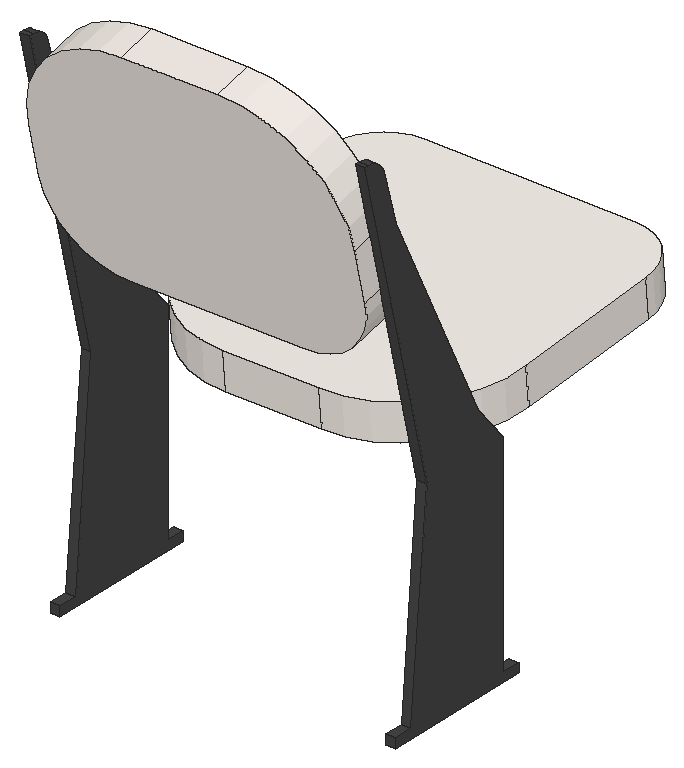
Revit family "07b577ac653f421bab2c59521c9ed6f1", category Furniture, Revit 2021
Family settings
  OmniClass Number = 23.40.50.11.11
  OmniClass Title = Auditorium Seating
  Seek Item ID = Seating-Auditorium-0000-USA-ENU
  Work Plane-Based = No
  Always vertical = Yes
  Cut with Voids When Loaded = No
  Shared = Yes
  Room Calculation Point = No
Parameters (values of type "18" x 24" x 30"")
  Seat Material = Linen, Beige
  Frame Material = Steel, Paint Finish, Dark Gray, Matte
  Default Elevation = 0' - 0"
  Assembly Code = "E2020200"
Reference planes (in)
  plane 1 "Center (Front/Back)": y = 7.47541
  plane 2: z = 0
  plane 3 "Center (Left/Right)": x = 6.32787
  plane 4: x = 15.32787
  plane 5: x = -2.67213
  plane 6: y = -4.52459
  plane 7: y = 19.47541
  plane 8: z = 30
  plane 9: z = 17.5
  plane 10: y = -0.52459
  plane 11: y = -2.52459
  plane 12: z = 28
  plane 13: z = 11.5
  plane 14: z = 13.5
  plane 15: y = 1.47541
  plane 16: z = 24.5
  plane 17: z = 28
  plane 18: y = -2.53271
  plane 19 "Seat": z = 11.5
  plane 20: through (0, 4.03108, 0.97922) normal (0, 0.9717, 0.2361)
  plane 21: through (0, -0.94929, 10.85042) normal (0, 0.0872, -0.9962)
  plane 22: y = 17.47541
  plane 23: x = 12.82787
  plane 24: x = -0.17213
Forms (in)
  Extrusion 1, solid, material "Steel, Paint Finish, Dark Gray, Matte" <- "Frame Material"
    sketch origin (15.32787, 0, 0) x (0, -1, 0) y (0, 0, 1)
      loop
        line (0.52459, 0) -> (0.52459, 0.5) -> (-0.47541, 0.5) -> (-1.47541, 11.5) -> (2.52459, 28) -> (2.27889, 28)
        arc (2.27889, 28) -> (1.6767, 27.79835) -> (1.31737, 27.27472) r 1
        line (1.31737, 27.27472) -> (0.52459, 24.5) -> (-4.79721, 13.5) -> (-6.47541, 11.5) -> (-6.47541, 0.5) -> (-7.47541, 0.5) -> (-7.47541, 0) -> (0.52459, 0)
    from 0 to 0.5
  Extrusion 2, solid, material "Steel, Paint Finish, Dark Gray, Matte" <- "Frame Material"
    sketch origin (-2.67213, 0, 0) x (0, -1, 0) y (0, 0, 1)
      loop
        line (-7.47541, 0) -> (0.52459, 0) -> (0.52459, 0.5) -> (-0.47541, 0.5) -> (-1.47541, 11.5) -> (2.52459, 28) -> (2.27889, 28)
        arc (2.27889, 28) -> (1.6767, 27.79835) -> (1.31737, 27.27472) r 1
        line (1.31737, 27.27472) -> (0.52459, 24.5) -> (-4.79721, 13.5) -> (-6.47541, 11.5) -> (-6.47541, 0.5) -> (-7.47541, 0.5) -> (-7.47541, 0)
    from 0 to -0.5
  Extrusion 3, solid, material "Linen, Beige" <- "Seat Material"
    sketch origin (0, -0.94929, 10.85042) x (0, 0.996195, 0.087156) y (1, 0, 0)
      loop
        line (20.61532, 0.82787) -> (20.61532, 11.82787)
        arc (20.61532, 11.82787) -> (19.73664, 13.94919) -> (17.61532, 14.82787) r 3
        line (17.61532, 14.82787) -> (9.73294, 14.82787)
        arc (9.73294, 14.82787) -> (5.4903, 13.07051) -> (3.73294, 8.82787) r 6
        line (3.73294, 8.82787) -> (3.73294, 3.82787)
        arc (3.73294, 3.82787) -> (5.4903, -0.41477) -> (9.73294, -2.17213) r 6
        line (9.73294, -2.17213) -> (17.61532, -2.17213)
        arc (17.61532, -2.17213) -> (19.73664, -1.29345) -> (20.61532, 0.82787) r 3
    from 0 to -2
  Extrusion 4, solid, material "Linen, Beige" <- "Seat Material"
    sketch origin (0, 4.03108, 0.97922) x (0, -0.236052, 0.97174) y (1, 0, 0)
      loop
        line (29.86249, 3.82787) -> (29.86249, 8.82787)
        arc (29.86249, 8.82787) -> (28.10513, 13.07051) -> (23.86249, 14.82787) r 6
        line (23.86249, 14.82787) -> (21.04127, 14.82787)
        arc (21.04127, 14.82787) -> (18.21284, 13.6563) -> (17.04127, 10.82787) r 4
        line (17.04127, 10.82787) -> (17.04127, 1.82787)
        arc (17.04127, 1.82787) -> (18.21284, -1.00056) -> (21.04127, -2.17213) r 4
        line (21.04127, -2.17213) -> (23.86249, -2.17213)
        arc (23.86249, -2.17213) -> (28.10513, -0.41477) -> (29.86249, 3.82787) r 6
    from -1 to 1
Lines and regions (in)
  Masking region 1
    outline origin (0, 0, 11.5) x (1, 0, 0) y (0, 1, 0)
      loop
        line (-2.67213, -2.55308) -> (-2.17048, -2.55308)
        spline (-2.17048, -2.55308) -> (-2.12305, -2.73089) -> (-1.98152, -2.90589) -> (-1.74813, -3.07531) -> (-1.42656, -3.23647) -> (-1.0219, -3.38683) -> (-0.54055, -3.524) -> (0.00988, -3.64583) -> (0.62069, -3.75038) -> (1.28222, -3.83599) -> (1.98402, -3.90133) -> (2.71498, -3.94534) -> (3.46355, -3.96735)
        line (3.46355, -3.96735) -> (3.84947, -3.98188) -> (8.82737, -3.98188)
        spline (8.82737, -3.98188) -> (9.6104, -3.96969) -> (10.38003, -3.93333) -> (11.12309, -3.87342) -> (11.82688, -3.79099) -> (12.47934, -3.68744) -> (13.06931, -3.56455) -> (13.58671, -3.42442) -> (14.02267, -3.26945) -> (14.36973, -3.10229) -> (14.62197, -2.92579) -> (14.77506, -2.74299) -> (14.82638, -2.55701)
        line (14.82638, -2.55701) -> (15.32787, -2.55701) -> (15.32787, 7.47541) -> (14.74395, 7.47541)
        arc (14.74395, 7.47541) -> (14.80685, 7.97365) -> (14.82787, 8.47541) r 6
        line (14.82787, 8.47541) -> (14.82787, 16.47541)
        arc (14.82787, 16.47541) -> (13.94919, 18.59673) -> (11.82787, 19.47541) r 3
        line (11.82787, 19.47541) -> (0.82787, 19.47541)
        arc (0.82787, 19.47541) -> (-1.29345, 18.59673) -> (-2.17213, 16.47541) r 3
        line (-2.17213, 16.47541) -> (-2.17213, 8.47541)
        arc (-2.17213, 8.47541) -> (-2.15111, 7.97365) -> (-2.08821, 7.47541) r 6
        line (-2.08821, 7.47541) -> (-2.67213, 7.47541) -> (-2.67213, -2.55308)
  symbolic lines
    curve 1: line (3.82787, 2.47541, 11.5) -> (8.82787, 2.47541, 11.5)
    curve 2: arc (14.82787, 8.47541, 11.5) -> (13.07051, 4.23277, 11.5) -> (8.82787, 2.47541, 11.5) r 6
    curve 3: arc (3.82787, 2.47541, 11.5) -> (-0.41477, 4.23277, 11.5) -> (-2.17213, 8.47541, 11.5) r 6
    curve 4: line (14.82787, 8.47541, 11.5) -> (14.82787, -2.52459, 11.5)
    curve 5: line (-2.17213, -2.52459, 11.5) -> (-2.17213, 8.47541, 11.5)
    curve 6: spline (1.82787, 0.9802, 11.5) -> (1.30576, 0.97212, 11.5) -> (0.79259, 0.94803, 11.5) -> (0.29714, 0.90833, 11.5) -> (-0.17213, 0.8537, 11.5) -> (-0.60718, 0.78508, 11.5) -> (-1.00056, 0.70365, 11.5) -> (-1.34554, 0.61079, 11.5) -> (-1.63623, 0.5081, 11.5) -> (-1.86765, 0.39733, 11.5) -> (-2.03583, 0.28037, 11.5) -> (-2.13791, 0.15924, 11.5) -> (-2.17213, 0.03599, 11.5)
    curve 7: spline (14.82787, 0.03599, 11.5) -> (14.79365, 0.15924, 11.5) -> (14.69157, 0.28037, 11.5) -> (14.52339, 0.39733, 11.5) -> (14.29197, 0.5081, 11.5) -> (14.00128, 0.61079, 11.5) -> (13.6563, 0.70365, 11.5) -> (13.26291, 0.78508, 11.5) -> (12.82787, 0.8537, 11.5) -> (12.3586, 0.90833, 11.5) -> (11.86315, 0.94803, 11.5) -> (11.34997, 0.97212, 11.5) -> (10.82787, 0.9802, 11.5)
    curve 8: line (10.82787, 0.9802, 11.5) -> (1.82787, 0.9802, 11.5)
Dimensions and locks (in)
  equal spacing: plane 5, plane 3 "Center (Left/Right)", plane 4
  equal spacing: plane 6, plane 1 "Center (Front/Back)", plane 7
  locked: plane 5 to plane 4 at 18
  locked: plane 6 to plane 7 at 24
  aligned and locked: curve 5 to Extrusion 2
  aligned and locked: plane 7 to Masking region 1 sketch curve
Automatic sketch dimensions
  curve 2 to plane 1 "Center (Front/Back)" = 0' - 1"
  curve 5 to plane 18 = 0' - 0.00812"
  plane 3 "Center (Left/Right)" to curve 3 = 0' - 2 1/2"
  curve 1 to plane 3 "Center (Left/Right)" = 0' - 2 1/2"
  curve 4 to plane 18 = 0' - 0.00812"
  Masking region 1 sketch curve to plane 5 = 0' - 0"
  Masking region 1 sketch curve to plane 1 "Center (Front/Back)" = 0' - 0"  (x2)
  Masking region 1 sketch curve to plane 4 = 0' - 0"
  Masking region 1 sketch curve to plane 5 = 0' - 0 1/2"
  plane 18 to Masking region 1 sketch curve = 0' - 0.02036"
  Masking region 1 sketch curve to plane 5 = 0' - 0.50165"
  Masking region 1 sketch curve to Masking region 1 sketch curve = 0' - 0.58392"  (x2)
  Masking region 1 sketch curve to plane 5 = 0' - 3 1/2"
  plane 18 to Masking region 1 sketch curve = 0' - 0.0243"
  plane 3 "Center (Left/Right)" to Masking region 1 sketch curve = 0' - 3.4995"
  Masking region 1 sketch curve to Masking region 1 sketch curve = 0' - 0.63519"
  Masking region 1 sketch curve to plane 6 = 0' - 0.55724"
  Masking region 1 sketch curve to plane 1 "Center (Front/Back)" = 0' - 1"
  Masking region 1 sketch curve to Masking region 1 sketch curve = 0' - 1.00033"
  Masking region 1 sketch curve to plane 6 = 0' - 0.54271"
  Masking region 1 sketch curve to Masking region 1 sketch curve = 0' - 0.38592"
  Masking region 1 sketch curve to plane 3 "Center (Left/Right)" = 0' - 2.4995"
  Masking region 1 sketch curve to plane 3 "Center (Left/Right)" = 0' - 2 1/2"
  plane 4 to Masking region 1 sketch curve = 0' - 3 1/2"
  plane 4 to Masking region 1 sketch curve = 0' - 0 1/2"
  plane 10 to curve 1 = 0' - 3"
  curve 8 to curve 1 = 0' - 2"
  curve 2 to curve 7 = 0' - 2"
  plane 4 to curve 7 = 0' - 0 1/2"
  plane 10 to curve 6 = 0' - 0.56058"
  plane 10 to curve 7 = 0' - 0.56058"
  curve 6 to curve 6 = 0' - 0.94421"
